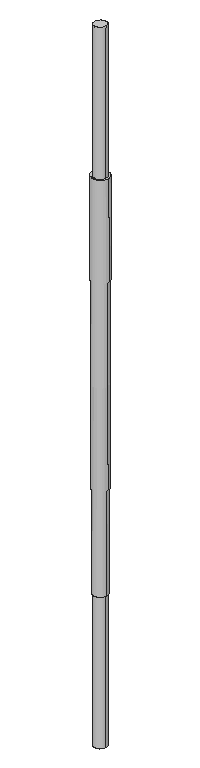
Revit family "MF_TAPER TIE 1,3 (50'')_1904417", category Generic Models, Revit 2018
Family settings
  Can host rebar = No
  Round Connector Dimension = Use Diameter
  Part Type = Normal
  OmniClass Number = 35.51.14.00
  OmniClass Title = FORMWORK
  Work Plane-Based = Yes
  Always vertical = No
  Cut with Voids When Loaded = No
  Shared = Yes
  Room Calculation Point = No
Parameters
  VERSION = "20190101"  # constant formula
  URL = "www.ulmaconstruction.com/en"
  UNICLASS = ""
  ITEM_CODE = "1904417"
  Manufacturer = "ULMA CONSTRUCTION"  # constant formula
  FILTER [instance] = ""
  Default Elevation = 0"
  CLASSIFICATION_TITLE = ""
  CLASSIFICATION_NUMBER = ""
Reference planes (in)
  plane 1 "Centro (Frontal/Posterior)": y = 0
  plane 2: z = 0
  plane 3 "Centro (Izquierda/Derecha)": x = 0
  plane 4 "LENGTH": z = -44.2126
  plane 5 "BASE": z = 5.7874
  plane 6 "ITEM_LENGTH": z = -44.2126
Forms (in)
  Blend 1, solid, material "ULMA ZINC", detail levels fine
    base sketch origin (0, 0, 0) x (1, 0, 0) y (0, 1, 0)
      loop
        circle (0, 0) r 0.62992
    top sketch origin (0, 0, 0) x (1, 0, 0) y (0, 1, 0)
      loop
        circle (0, 0) r 0.49961
    from -4.72441 to -33.70079
  Extrusion 2, solid, material "ULMA ZINC", detail levels fine
    sketch origin (0, 0, 0) x (1, 0, 0) y (0, 1, 0)
      loop
        circle (0, 0) r 0.45276
    from -4.72441 to 5.7874
  Extrusion 3, solid, material "ULMA ZINC", detail levels fine
    sketch origin (0, 0, -32.71088) x (1, 0, 0) y (0, 1, 0)
      loop
        circle (0, 0) r 0.45276
    from -11.50172 to -0.98991
  Extrusion 4, solid, material "ULMA ZINC", detail levels coarse+medium
    sketch origin (0, 0, 0) x (1, 0, 0) y (0, 1, 0)
      loop
        circle (0, 0) r 0.45276
    from 5.7874 to -44.2126
Dimensions and locks (in)
  locked: plane 5 "BASE" to plane 6 "ITEM_LENGTH" at 50
  aligned and locked: level to plane 2
  aligned and locked: Extrusion 2 to Blend 1
  aligned and locked: plane 5 "BASE" to Extrusion 2
  aligned and locked: plane 5 "BASE" to Extrusion 4
  aligned and locked: Extrusion 4 to Extrusion 3
  aligned and locked: Blend 1 to Extrusion 3
  aligned and locked: plane 6 "ITEM_LENGTH" to Extrusion 3
